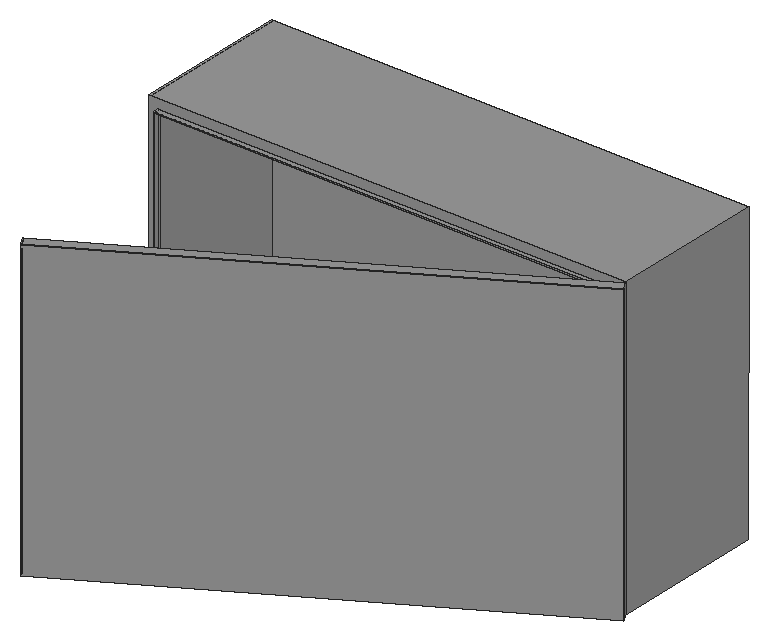
Revit family "Hager-Univers-IP55-D275-H500-Cl.I-Steel_encl-NoHosted-SE-en", category Equipement électrique, Revit 2020
Family settings
  Configuration du panneau = Deux colonnes, circuits au sein
  Cote de connecteur circulaire = Utiliser le diamètre
  Type d'élément = Tableau de raccordement
  Basée sur le plan de construction = Oui
  Toujours verticalement = Oui
  Couper avec des vides une fois chargée = Non
  Partagée = Non
  Point de calcul de pièce = Non
Parameters (values of type "Surface mounted (plaster) IP55 W800 H500 D275  - FR33E")
  Width Control [instance] = if([EF000008 - Width] > Min Width, [EF000008 - Width], Min Width)  # 800 mm
  Commentaires du type = [HG000003 - Range]  # "Univers"
  Thickness Door [instance] = if([EF009171 - Material plate thickness door/cover] > 3 mm, 3 mm, [EF009171 - Material plate thickness door/cover])  # 1.5 mm
  Seal Frame Offset [instance] = 17 mm  # constant formula
  Plinth Visibility [instance] = [HG000027 - Plinth height] > 0 mm  # no
  Min Width [instance] = 100 mm  # constant formula
  Min Depth [instance] = (2 * [EF009170 - Material plate thickness cabinet]) + 1 mm  # 4 mm
  Min Height [instance] = 100 mm  # constant formula
  Internal Frame Depth [instance] = (Door System Depth * 0.5)  # 9 mm
  Panel Name [instance] = ""  # (empty or 0)
  Model = ""
  HG000027 - Plinth height = 0 mm
  HG000026 - Floor standing = no
  HG000024 - Bottom section height = 600 mm
  HG000023 - Double section enclosure = no
  HG000016 - Door 3d visibility [instance] = yes
  HG000015 - Clearance visibility [instance] = no
  HG000014 - Door on the right [instance] = yes
  HG000013 - Door on the left [instance] = not([HG000014 - Door on the right])  # no
  HG000012 - Door swing angle [instance] = 30.00°
  HG000010 - Asymmetric doors = no
  HG000009 - Double swing door = no
  HG000006 - Flush mounted = no
  HG000004 - Manufacturer reference = "FR33E"
  HG000003 - Range = "Univers"
  HG000002 - With door or cover = yes
  Frame Offset Bottom [instance] = 10 mm  # constant formula
  Frame Offset [instance] = 15 mm  # constant formula
  EF015940 - Cover with overpressure release = no
  EF011959 - Degree of protection (NEMA) = ""
  EF009554 - Number of openings for flange plates = 6
  EF009212 - Cover model = "EV000116 - Closed"
  EF009171 - Material plate thickness door/cover = 1.5 mm
  EF009170 - Material plate thickness cabinet = 1.5 mm
  EF008873 - Nominal current (In) = 800 A
  EF007800 - Suitable for lightning protection = no
  EF006306 - With lock = no
  EF006244 - Transparent cover/door = no
  EF005474 - Degree of protection (IP) = "EV006420 - IP55"
  EF004464 - Type of door = "EV002646 - Single"
  EF004427 - Number of modules = 108
  EF004293 - Impact strength = "EV008784 - IK10"
  EF003532 - Suitable for outdoor use = no
  EF002950 - Width in number of modular spacings = 24
  EF001613 - Circuit integrity = "EV000494 - None"
  EF001596 - Material housing = "EV000179 - Steel"
  EF001131 - Internal depth = 275 mm
  EF001088 - Extension possible = yes
  EF000437 - Number of conduit inlets = 6
  EF000339 - Type of cover = "EV004216 - Door"
  EF000266 - Number of rows = 3
  EF000218 - Built-in depth = 0 mm
  EF000118 - With mounting plate = no
  EF000116 - RAL-number = "7035"
  EF000049 - Depth = 275 mm
  EF000040 - Height = 500 mm
  EF000008 - Width = 800 mm
  EF000007 - Colour = "EV000270 - Grey"
  EF000003 - Mounting method = "EV000384 - Surface mounted (plaster)"
  Door System Leaf Tolerance [instance] = 1.5 mm  # constant formula
  Door System Depth [instance] = 18 mm  # constant formula
  Door Height [instance] = Height Control - [HG000027 - Plinth height]  # 500 mm
  Description = ""
  Default Elevation = 1219.2 mm
  Connector Offset [instance] = Height Control / 2  # 250 mm
  Fabricant = "Hager"  # constant formula
  Height Control [instance] = if([EF000040 - Height] > Min Height, [EF000040 - Height], Min Height)  # 500 mm
  Depth Control [instance] = if([EF000049 - Depth] > Min Depth, [EF000049 - Depth], Min Depth)  # 275 mm
  Bottom Top Plate Trim [instance] = 1.5 mm  # constant formula
  Plinth height Ctrl [instance] = if([HG000027 - Plinth height] > 0 mm, [HG000027 - Plinth height], 12 mm)  # 12 mm
Types (5, lengths in mm): name | Width Control | HG000010 - Asymmetric doors | HG000009 - Double swing door | HG000004 - Manufacturer reference | EF009554 - Number of openings for flange plates | EF004464 - Type of door | EF004427 - Number of modules | EF000437 - Number of conduit inlets | EF000008 - Width
  Surface mounted (plaster) IP55 W1050 H500 D275  - FR34E | 1050 | no | yes | "FR34E" | 8 | "EV003602 - Double" | 144 | 8 | 1050
  Surface mounted (plaster) IP55 W1300 H500 D275  - FR35E | 1300 | yes | yes | "FR35E" | 10 | "EV003602 - Double" | 180 | 10 | 1300
  Surface mounted (plaster) IP55 W300 H500 D275  - FR31E | 300 | no | no | "FR31E" | 2 | "EV002646 - Single" | 36 | 2 | 300
  Surface mounted (plaster) IP55 W550 H500 D275  - FR32E | 550 | no | no | "FR32E" | 4 | "EV002646 - Single" | 72 | 4 | 550
  Surface mounted (plaster) IP55 W800 H500 D275  - FR33E | 800 | no | no | "FR33E" | 6 | "EV002646 - Single" | 108 | 6 | 800
Reference planes
  plane 1 "Center (Front/Back)": y = 0
  plane 2: z = 0
  plane 3 "Center (Left/Right)": x = 0
  plane 4: y = 0
  plane 5: y = 0
  plane 6: z = 0
  plane 7: x = -400
  plane 8: x = 400
  plane 9: x = 398.5
  plane 10: x = -398.5
  plane 11: z = 0
  plane 12: z = 1.5
  plane 13: y = -275
  plane 14: y = -1.5
  plane 15: x = 0
  plane 16: y = -257
  plane 17: y = -273.5
  plane 18: y = -255.5
  plane 19: x = -383.5
  plane 20: x = 383.5
  plane 21: z = 11.5
  plane 22: x = -383
  plane 23: x = 383
  plane 24: z = 0
  plane 25: z = 500
  plane 26: z = 500
  plane 27: z = 483.5
  plane 28: z = 498.5
Forms (mm)
  Extrusion 1, solid, material "Hager_Steel_RAL7035_Light_Grey", detail levels medium+fine
    sketch origin (-208.679, -4572, 0) x (-1, 0, 0) y (0, -1, 0)
      loop
        line (191.321, -4315) -> (-608.679, -4315) -> (-608.679, -4572) -> (191.321, -4572) -> (191.321, -4315)
    from 0 to 500
  Extrusion 2, void
    sketch origin (-350.771, -275, 1219.2) x (1, 0, 0) y (0, 0, 1)
      loop
        line (-47.729, -720.7) -> (-47.729, -1217.7) -> (749.271, -1217.7) -> (749.271, -720.7) -> (-47.729, -720.7)
    from -19.5 to -273.5
  Extrusion 3, void
    sketch origin (-290.084, -257, 1219.2) x (1, 0, 0) y (0, 0, 1)
      loop
        line (-93.416, -1207.7) -> (673.584, -1207.7) -> (673.584, -735.7) -> (-93.416, -735.7) -> (-93.416, -1207.7)
    from 0 to -1.5
  Extrusion 4, solid, material "Hager_Steel_RAL7035_Light_Grey", visible <- "Plinth Visibility", detail levels medium+fine
    sketch origin (0, 0, 0) x (1, 0, 0) y (0, 1, 0)
      loop
        line (-400, 0) -> (-400, -257) -> (400, -257) -> (400, 0) -> (-400, 0)
    from 0 to 12 <- "Plinth height Ctrl"
  Extrusion 5, solid, material "Hager_Steel_RAL7035_Light_Grey", detail levels coarse
    sketch origin (0, 0, 0) x (1, 0, 0) y (0, 1, 0)
      loop
        line (-400, 0) -> (-400, -275) -> (400, -275) -> (400, 0) -> (-400, 0)
    from 0 to 500 <- "Height Control"
  Sweep 6, void
    path in 3D
      loop
        line (-400, -257, 12) -> (400, -257, 12) -> (400, 0, 12) -> (-400, 0, 12) -> (-400, -257, 12)
    profile origin (-400, -128.5, 12) x (1, 0, 0) y (0, 0, 1)
      loop
        line (0, 0) -> (0, -1.5) -> (1.5, -1.5)
        arc (1.5, -1.5) -> (1.061, -0.439) -> (0, 0) r 1.5
  Extrusion 7, solid, material "Hager_Steel_RAL7035_Light_Grey", detail levels fine
    sketch origin (-400, -257, 0) x (1, 0, 0) y (0, 0, 1)
      loop
        line (16.5, 11.5) -> (783.5, 11.5) -> (783.5, 483.5) -> (16.5, 483.5) -> (16.5, 11.5)
      loop
        line (15, 10) -> (785, 10) -> (785, 485) -> (15, 485) -> (15, 10)
    from 0 to 9 <- "Internal Frame Depth"
Cuts and joins
  Extrusion 2, Extrusion 3 cuts Extrusion 1
  Sweep 6 cuts Extrusion 4
Lines and regions (mm)
  Masking region 1
    outline origin (0, 0, 0) x (1, 0, 0) y (0, 1, 0)
      loop
        line (-400, 0) -> (-400, -275) -> (400, -275) -> (400, 0) -> (-400, 0)
  Masking region 2, detail levels coarse
    outline origin (-290.084, -257, 1219.2) x (-1, 0, 0) y (0, 0, 1)
      loop
        line (-690.084, -1219.2) -> (109.916, -1219.2) -> (109.916, -719.2) -> (-690.084, -719.2) -> (-690.084, -1219.2)
  Masking region 3, detail levels coarse
    outline origin (0, 0, 0) x (0, 1, 0) y (0, 0, 1)
      loop
        line (0, 0) -> (0, 500) -> (-275, 500) -> (-275, 0) -> (0, 0)
  Masking region 4, visible <- "Plinth Visibility", detail levels medium+fine
    outline origin (0, 0, 0) x (0, 1, 0) y (0, 0, 1)
      loop
        line (-1.5, 12) -> (-255.5, 12)
        arc (-255.5, 12) -> (-255.939, 10.939) -> (-257, 10.5) r 1.5
        line (-257, 10.5) -> (-257, 0) -> (0, 0) -> (0, 10.5)
        arc (0, 10.5) -> (-1.061, 10.939) -> (-1.5, 12) r 1.5
  Masking region 5, detail levels medium+fine
    outline origin (0, 0, 594.038) x (0, 1, 0) y (0, 0, 1)
      loop
        line (0, -594.038) -> (0, -94.038) -> (-257, -94.038) -> (-257, -594.038) -> (0, -594.038)
  Masking region 6, detail levels medium+fine
    outline origin (-359.7, -257, 1211.883) x (-1, 0, 0) y (0, 0, 1)
      loop
        line (-759.7, -1211.883) -> (40.3, -1211.883) -> (40.3, -711.883) -> (-759.7, -711.883) -> (-759.7, -1211.883)
  Masking region 7, visible <- "Plinth Visibility", detail levels medium+fine
    outline origin (-320.334, -257, 1041.368) x (-1, 0, 0) y (0, 0, 1)
      loop
        line (-720.334, -1041.368) -> (79.666, -1041.368) -> (79.666, -1030.868)
        arc (79.666, -1030.868) -> (78.606, -1030.429) -> (78.166, -1029.368) r 1.5
        line (78.166, -1029.368) -> (-718.834, -1029.368)
        arc (-718.834, -1029.368) -> (-719.273, -1030.429) -> (-720.334, -1030.868) r 1.5
        line (-720.334, -1030.868) -> (-720.334, -1041.368)
  sketch lines
    curve 1: line (-400, 0, 12) -> (-400, -257, 12)
    curve 2: line (-400, -257, 12) -> (400, -257, 12)
    curve 3: line (400, 0, 12) -> (-400, 0, 12)
    curve 4: line (400, -257, 12) -> (400, 0, 12)
Dimensions and locks
  locked: plane 1 "Center (Front/Back)" to plane 5
  "EF009170 - Material plate thickness cabinet": plane 7 to plane 10
  "EF009170 - Material plate thickness cabinet": plane 8 to plane 9
  equal spacing: plane 7, plane 3 "Center (Left/Right)", plane 8
  "Width Control": plane 7 to plane 8
  "Depth Control": plane 4 to plane 13
  "EF009170 - Material plate thickness cabinet": plane 4 to plane 14
  "Height Control": plane 25 to level
  "HG000027 - Plinth height": plane 11 to level
  "EF009170 - Material plate thickness cabinet": plane 12 to plane 11
  "EF009170 - Material plate thickness cabinet": plane 17 to plane 13
  "EF009170 - Material plate thickness cabinet": plane 18 to plane 16
  "Frame Offset Bottom": plane 21 to plane 12
  "Frame Offset": plane 10 to plane 19
  "Frame Offset": plane 9 to plane 20
  "Door System Depth": plane 16 to plane 13
  "Seal Frame Offset": plane 7 to plane 22
  "Seal Frame Offset": plane 8 to plane 23
  "EF009170 - Material plate thickness cabinet": plane 26 to plane 28
  "Frame Offset": plane 28 to plane 27
  "Connector Offset": plane 2 to connector elem
  "Bottom Top Plate Trim": profile plane to Sweep 6 sketch curve
  "Bottom Top Plate Trim": Sweep 6 sketch curve to Sweep 6 sketch curve
  "Plinth height Ctrl": Masking region 4 sketch curve to level
  "Plinth height Ctrl": Masking region 7 sketch curve to level
  "Thickness Door": Extrusion 7 sketch curve to Extrusion 7 sketch curve  (x4)
  "Bottom Top Plate Trim": radius of Sweep 6 sketch curve
  "Bottom Top Plate Trim": radius of Masking region 4 sketch curve  (x2)
  "Bottom Top Plate Trim": radius of Masking region 7 sketch curve  (x2)
  aligned and locked: Extrusion 2 sketch curve to plane 12
  aligned and locked: Extrusion 2 sketch curve to plane 9
  aligned and locked: Extrusion 2 sketch curve to plane 10
  aligned and locked: Extrusion 2 to plane 14
  aligned and locked: Extrusion 1 sketch curve to plane 4
  aligned and locked: plane 8 to Extrusion 1 sketch curve
  aligned and locked: plane 7 to Extrusion 1 sketch curve
  aligned and locked: Extrusion 2 to plane 18
  aligned and locked: plane 19 to Extrusion 3 sketch curve
  aligned and locked: plane 20 to Extrusion 3 sketch curve
  aligned and locked: Extrusion 3 to Extrusion 2
  aligned and locked: Extrusion 3 sketch curve to plane 21
  aligned and locked: plane 3 "Center (Left/Right)" to nested 1
  aligned and locked: Extrusion 1 sketch curve to plane 16
  aligned and locked: Extrusion 4 sketch curve to cut or joined group of Extrusion 1, Extrusion 2, Extrusion 3
  aligned and locked: Masking region 1 sketch curve to plane 7
  aligned and locked: Masking region 1 sketch curve to plane 5
  aligned and locked: Masking region 1 sketch curve to plane 8
  aligned and locked: Masking region 2 sketch curve to level
  aligned and locked: level to Masking region 3 sketch curve
  aligned and locked: plane 1 "Center (Front/Back)" to Masking region 3 sketch curve
  aligned and locked: plane 13 to Masking region 3 sketch curve
  aligned and locked: plane 5 to Masking region 4 sketch curve
  aligned and locked: Masking region 2 sketch curve to plane 8
  aligned and locked: Masking region 2 sketch curve to plane 7
  aligned and locked: plane 7 to nested 2
  aligned and locked: nested 2 to plane 5
  aligned and locked: plane 5 to Masking region 5 sketch curve
  aligned and locked: plane 26 to Masking region 5 sketch curve
  aligned and locked: Extrusion 5 sketch curve to plane 8
  aligned and locked: Extrusion 5 sketch curve to plane 7
  aligned and locked: Extrusion 5 sketch curve to plane 5
  aligned and locked: Extrusion 3 sketch curve to plane 27
  aligned and locked: Extrusion 2 sketch curve to plane 28
  aligned and locked: Masking region 2 to plane 25
  aligned and locked: Extrusion 4 to plane 16
  aligned and locked: profile plane to Sweep 6 sketch curve
  aligned and locked: Masking region 5 sketch curve to plane 24
  aligned and locked: level to Masking region 4 sketch curve
  aligned and locked: Masking region 1 to plane 13
  aligned and locked: nested 1 to plane 16
  aligned and locked: Masking region 3 to plane 25
  aligned and locked: plane 16 to Masking region 4 sketch curve
  aligned and locked: Masking region 5 sketch curve to plane 16
  aligned and locked: plane 24 to plane 11
  aligned and locked: plane 26 to plane 25
  aligned and locked: plane 26 to cut or joined group of Extrusion 1, Extrusion 2, Extrusion 3
  aligned and locked: nested 1 to plane 24
  aligned and locked: Extrusion 1 to Extrusion 3
  aligned and locked: Masking region 6 sketch curve to plane 8
  aligned and locked: Masking region 6 sketch curve to plane 24
  aligned and locked: Masking region 6 sketch curve to plane 7
  aligned and locked: Masking region 6 sketch curve to plane 26
  aligned and locked: Masking region 7 sketch curve to plane 7
  aligned and locked: level to Masking region 7 sketch curve
  aligned and locked: Masking region 7 sketch curve to plane 8
  aligned and locked: Extrusion 7 sketch curve to cut or joined group of Extrusion 1, Extrusion 2, Extrusion 3  (x4)
Automatic sketch dimensions
  plane 19 to Extrusion 3 sketch curve = 0 mm
  Extrusion 3 sketch curve to plane 20 = 0 mm
  Extrusion 3 sketch curve to plane 21 = 0 mm
  Extrusion 4 sketch curve to plane 7 = 0 mm
  Extrusion 4 sketch curve to plane 8 = 0 mm
  Extrusion 4 sketch curve to plane 16 = 0 mm
  Masking region 1 sketch curve to plane 13 = 0 mm
  Masking region 2 sketch curve to plane 25 = 0 mm
  Masking region 3 sketch curve to plane 25 = 0 mm
  Extrusion 5 sketch curve to plane 13 = 0 mm
  profile plane to Sweep 6 sketch curve = 0 mm
Nested families
  nested 1: "EC000058_Univers_Door" at (0, -257, 0), Double <- "HG000009 - Double swing door", Transparent <- "EF006244 - Transparent cover/door", Angle <- "HG000012 - Door swing angle", Door_Right <- "HG000014 - Door on the right", Assymetrical <- "HG000010 - Asymmetric doors", Door <- "HG000002 - With door or cover", Width_Ctrl <- "Width Control", 3d_Door <- "HG000016 - Door 3d visibility", Clearance <- "HG000015 - Clearance visibility", Door_Left <- "HG000013 - Door on the left", Width <- "Width Control", Door_Depth <- "Door System Depth", Leaf_Tolerance <- "Door System Leaf Tolerance", Height <- "Door Height", Lock_Visibility <- "EF006306 - With lock", Thickness <- "Thickness Door", type "EC000058_Univers_Door", detail levels medium+fine
    with min_wh 4 mm, Width_Ctrl 800 mm, Width 800 mm, Transparent no, Thickness 1.5 mm, Seal_Material Hager_Rubber, Lock_Visibility no, Lock_Material Hager_Plastic_RAL9005_Jet_Black, Leaf_Width 800 mm, Leaf_Tolerance_External_Sides 0 mm, Leaf_Tolerance 1.5 mm, Leaf_Offset 0 mm, Leaf_Height 497 mm, Leaf_2_Width 800 mm, Leaf_2_Offset 400 mm, Leaf_1_Width 800 mm, Leaf_1_Offset 400 mm, Height_Ctrl 500 mm, Height 500 mm, Glass_Material Hager_Glass, Double_Clearance_Ctrl no, Double no, Door_Right_Ctrl yes, Door_Right yes, Door_Material Hager_Steel_RAL7035_Light_Grey, Door_Left_Ctrl no, Door_Left no, Door_Depth 18 mm, Door yes, Clearance_Material Hager_Clearance, Clearance_Depth 800 mm, Clearance_Ctrl no, Clearance no, Assymetrical no, Angle 30.00°, 3d_Door yes
  nested 2: "Hager_Enclosure_Symbol" at (-400, 0, 0), Height <- "Depth Control", Width <- "Width Control", type "Hager_Enclosure_Symbol"
    with Width_Ctrl 800 mm, Width 800 mm, Height_Ctrl 275 mm, Height 275 mm, A_Width_Int 18.047 mm, A_Width 216.562 mm, A_Height_Ctrl 240.625 mm, A_Height 240.625 mm
Connectors
  electrical at (0, 0, 250)
    settings: on plane 1 "Center (Front/Back)", index 1, voltage 0 V, apparent load 0 VA, apparent load phase1 0 VA, apparent load phase2 0 VA, apparent load phase3 0 VA, power factor 1, load classification "Other", number of poles 1, system type 30, power factor state 1, is connector primary yes, connector utility no, sub classification motor no, connector description ""
Definition of nested family "EC000058_Univers_Door"
  Parameters (values of type "EC000058_Univers_Door")
    min_wh [instance] = (2 * Thickness) + 1 mm  # 11 mm
    Width_Ctrl [instance] = 400 mm
    Width [instance] = 500 mm
    Transparent [instance] = yes
    Thickness [instance] = 5 mm
    Seal_Material [instance] = none
    Lock_Visibility [instance] = yes
    Lock_Material [instance] = none
    Leaf_Width [instance] = if((Width_Ctrl - 2 * Leaf_Tolerance_External_Sides) > 0 mm, (Width_Ctrl - 2 * Leaf_Tolerance_External_Sides), min_wh)  # 400 mm
    Leaf_Tolerance_External_Sides [instance] = 0 mm  # constant formula
    Leaf_Tolerance [instance] = 1.5 mm
    Leaf_Offset [instance] = 0 mm  # constant formula
    Leaf_Height [instance] = if((Height_Ctrl - 2 * Leaf_Tolerance) > 0 mm, (Height_Ctrl - 2 * Leaf_Tolerance), min_wh)  # 497 mm
    Leaf_2_Width [instance] = if(and(and(Double, Assymetrical), Door_Left), (Leaf_Width / 3) - (Leaf_Tolerance / 2), if(and(and(Double, Assymetrical), Door_Right), (Leaf_Width / 3) * 2 - (Leaf_Tolerance / 2), if(and(Double, not(Assymetrical)), (Leaf_Width / 2) - Leaf_Tolerance, Leaf_Width)))  # 400 mm
    Leaf_2_Offset [instance] = if(and(Double, Assymetrical), Leaf_2_Width / 2, if(and(Double, not(Assymetrical)), Leaf_Width / 4, Leaf_Width / 2))  # 200 mm
    Leaf_1_Width [instance] = if(and(and(Double, Assymetrical), Door_Right), (Leaf_Width / 3) - (Leaf_Tolerance / 2), if(and(and(Double, Assymetrical), Door_Left), (Width / 3) * 2 - (Leaf_Tolerance / 2), if(and(Double, not(Assymetrical)), (Leaf_Width / 2) - Leaf_Tolerance, Leaf_Width)))  # 400 mm
    Leaf_1_Offset [instance] = if(and(Double, Assymetrical), Leaf_1_Width / 2, if(and(Double, not(Assymetrical)), Leaf_Width / 4, Leaf_Width / 2))  # 200 mm
    Height_Ctrl [instance] = if(Height > min_wh, Height, min_wh)  # 500 mm
    Height [instance] = 500 mm
    Glass_Material [instance] = none
    Double_Clearance_Ctrl [instance] = and(Double, Clearance)  # no
    Double [instance] = no
    Door_Right_Ctrl [instance] = and(or(Door_Right, Double), Door)  # yes
    Door_Right [instance] = yes
    Door_Material [instance] = none
    Door_Left_Ctrl [instance] = and(or(Door_Left, Double), Door)  # no
    Door_Left [instance] = no
    Door_Depth [instance] = 30 mm
    Door [instance] = yes
    Default Elevation = 1219.2 mm
    Clearance_Material [instance] = none
    Clearance_Depth [instance] = if(Leaf_1_Width > Leaf_2_Width, Leaf_1_Width, Leaf_2_Width)  # 400 mm
    Clearance_Ctrl [instance] = and(not(Double), Clearance)  # yes
    Clearance [instance] = yes
    Assymetrical [instance] = yes
    Angle [instance] = 30.00°
    3d_Door [instance] = yes
  Reference planes
    plane 1 "Center (Front/Back)": y = 0
    plane 2 "Bottom": z = 0
    plane 3 "Center (Left/Right)": x = 0
    plane 4: z = 500
    plane 5: x = -200
    plane 6: x = 200
    plane 7: z = 500
    plane 8: x = -200
    plane 9: z = 0
    plane 10: x = 200
    plane 11: y = 0
    plane 12: z = 1.5
    plane 13: x = -600
    plane 14: y = -400
    plane 15: x = 600
    plane 16: x = 0
    plane 17: x = 0
    plane 18: x = -200
    plane 19: x = 200
    plane 20: z = 498.5
  Forms (mm)
    Extrusion 1, solid, material <- "Clearance_Material", visible <- "Double_Clearance_Ctrl"
      sketch origin (1200, 0, 0) x (1, 0, 0) y (0, 0, -1)
        loop
          line (-1800, -498.5) -> (-600, -498.5) -> (-600, 0) -> (-1800, 0) -> (-1800, -498.5)
      from 0 to -400
  Dimensions and locks
    equal spacing: plane 5, plane 3 "Center (Left/Right)", plane 6
    "Width_Ctrl": plane 5 to plane 6
    "Leaf_Offset": plane 5 to plane 8
    "Leaf_Offset": plane 6 to plane 10
    "Leaf_Offset": plane 9 to level
    "Leaf_Offset": plane 4 to plane 7
    "Height_Ctrl": plane 4 to level
    "Leaf_Tolerance": plane 12 to plane 9
    locked: plane 11 to plane 1 "Center (Front/Back)"
    "Leaf_1_Offset": plane 18 to plane 16
    "Leaf_2_Offset": plane 17 to plane 19
    "Leaf_1_Width": plane 13 to plane 8
    "Leaf_2_Width": plane 10 to plane 15
    "Clearance_Depth": plane 14 to plane 1 "Center (Front/Back)"
    "Leaf_Tolerance_External_Sides": plane 8 to plane 18
    "Leaf_Tolerance_External_Sides": plane 19 to plane 10
    "Leaf_Tolerance": plane 7 to plane 20
    aligned and locked: level to plane 2 "Bottom"
    aligned and locked: nested 1 to plane 16
    aligned and locked: nested 2 to plane 17
    aligned and locked: Extrusion 1 to plane 13
    aligned and locked: plane 15 to Extrusion 1
    aligned and locked: Extrusion 1 to plane 14
    aligned and locked: plane 12 to nested 1
    aligned and locked: nested 2 to plane 12
    aligned and locked: Extrusion 1 to plane 11
    aligned and locked: plane 20 to Extrusion 1
    aligned and locked: nested 2 to plane 11
    aligned and locked: nested 1 to plane 11
  Automatic sketch dimensions
    Extrusion 1 sketch curve to level = 0 mm
    plane 5 to Extrusion 1 sketch curve = 400 mm
    plane 6 to Extrusion 1 sketch curve = 400 mm
    Extrusion 1 sketch curve to plane 4 = 1.5 mm
  Nested families
    nested 1: "EC000058_Univers_Door_Leaf" at (0, 0, 1.5), Width <- "Leaf_1_Width", visible <- "Door_Left_Ctrl", Leaf_Height <- "Leaf_Height", Angle <- "Angle", 3d_Door <- "3d_Door", Transparent <- "Transparent", Clearance Material <- "Clearance_Material", Clearance <- "Clearance_Ctrl", Door_Material <- "Door_Material", Glass_Material <- "Glass_Material", Door_Depth <- "Door_Depth", Lock_Material <- "Lock_Material", Seal_Material <- "Seal_Material", Lock_Visibility <- "Lock_Visibility", Thickness <- "Thickness", type "EC000058_Univers_Door_Leaf"
      with Width 400 mm, Transparent_Glass_Offset 30 mm, Transparent_Ctrl yes, Transparent yes, Thickness 5 mm, Standard no, Seal_Material none, Seal_D2 8 mm, Seal_D1 1 mm, Offset_Internal_Frame 10 mm, Lock_Width 20 mm, Lock_Visibility_3d yes, Lock_Visibility yes, Lock_Thickness_3 3 mm, Lock_Thickness_2 1 mm, Lock_Thickness_1 3 mm, Lock_Radius_Offset_2 16 mm, Lock_Radius_Offset_1 15 mm, Lock_Radius_2 5 mm, Lock_Radius 6 mm, Lock_Offset 5 mm, Lock_Material none, Lock_Height 80 mm, Lock_Cover_Top_Offset_2d 17 mm, Lock_Cover_Height -65 mm, Leaf_Height 497 mm, Internal_Seal_Thickness 8 mm, Internal_Seal_Depth_2 4.5 mm, Internal_Frame_Depth 25 mm, Glass_Thickness -1 mm, Glass_Offset -2 mm, Glass_Material none, Door_Material none, Door_Depth 30 mm, Clearance Material none, Clearance yes, Angle_Ctrl 30.00°, Angle 30.00°, 3d_Door yes
    nested 2: "EC000058_Univers_Door_Leaf" at (0, 0, 1.5) x (-1, 0, 0) z (0, 0, 1), Width <- "Leaf_2_Width", visible <- "Door_Right_Ctrl", Leaf_Height <- "Leaf_Height", Angle <- "Angle", 3d_Door <- "3d_Door", Transparent <- "Transparent", Clearance Material <- "Clearance_Material", Clearance <- "Clearance_Ctrl", Door_Material <- "Door_Material", Glass_Material <- "Glass_Material", Door_Depth <- "Door_Depth", Lock_Material <- "Lock_Material", Seal_Material <- "Seal_Material", Lock_Visibility <- "Lock_Visibility", Thickness <- "Thickness", type "EC000058_Univers_Door_Leaf"
      with Width 400 mm, Transparent_Glass_Offset 30 mm, Transparent_Ctrl yes, Transparent yes, Thickness 5 mm, Standard no, Seal_Material none, Seal_D2 8 mm, Seal_D1 1 mm, Offset_Internal_Frame 10 mm, Lock_Width 20 mm, Lock_Visibility_3d yes, Lock_Visibility yes, Lock_Thickness_3 3 mm, Lock_Thickness_2 1 mm, Lock_Thickness_1 3 mm, Lock_Radius_Offset_2 16 mm, Lock_Radius_Offset_1 15 mm, Lock_Radius_2 5 mm, Lock_Radius 6 mm, Lock_Offset 5 mm, Lock_Material none, Lock_Height 80 mm, Lock_Cover_Top_Offset_2d 17 mm, Lock_Cover_Height -65 mm, Leaf_Height 497 mm, Internal_Seal_Thickness 8 mm, Internal_Seal_Depth_2 4.5 mm, Internal_Frame_Depth 25 mm, Glass_Thickness -1 mm, Glass_Offset -2 mm, Glass_Material none, Door_Material none, Door_Depth 30 mm, Clearance Material none, Clearance yes, Angle_Ctrl 30.00°, Angle 30.00°, 3d_Door yes
  Definition of nested family "EC000058_Univers_Door_Leaf"
    Parameters (values of type "EC000058_Univers_Door_Leaf")
      Width [instance] = 2000 mm
      Transparent_Glass_Offset [instance] = 30 mm
      Transparent_Ctrl [instance] = and(Transparent, [3d_Door])  # yes
      Transparent [instance] = yes
      Thickness [instance] = 5 mm
      Standard [instance] = and(not(Transparent), [3d_Door])  # no
      Seal_Material [instance] = none
      Seal_D2 [instance] = 8 mm  # constant formula
      Seal_D1 [instance] = 1 mm  # constant formula
      Offset_Internal_Frame [instance] = 10 mm  # constant formula
      Lock_Width [instance] = 20 mm  # constant formula
      Lock_Visibility_3d [instance] = and(Lock_Visibility, [3d_Door])  # yes
      Lock_Visibility [instance] = yes
      Lock_Thickness_3 [instance] = 3 mm  # constant formula
      Lock_Thickness_2 [instance] = 1 mm  # constant formula
      Lock_Thickness_1 [instance] = 3 mm  # constant formula
      Lock_Radius_Offset_2 [instance] = Lock_Radius_Offset_1 + 1 mm  # 16 mm
      Lock_Radius_Offset_1 [instance] = 15 mm  # constant formula
      Lock_Radius_2 [instance] = Lock_Radius - 1 mm  # 5 mm
      Lock_Radius [instance] = 6 mm  # constant formula
      Lock_Offset [instance] = 5 mm  # constant formula
      Lock_Material [instance] = none
      Lock_Height [instance] = 80 mm  # constant formula
      Lock_Cover_Top_Offset_2d [instance] = Lock_Radius_Offset_2 + 1 mm  # 17 mm
      Lock_Cover_Height [instance] = -(Lock_Height - Lock_Radius_Offset_1)  # -65 mm
      Leaf_Height [instance] = 2720.336 mm
      Internal_Seal_Thickness [instance] = 8 mm  # constant formula
      Internal_Seal_Depth_2 [instance] = 4.5 mm  # constant formula
      Internal_Frame_Depth [instance] = if(Door_Depth - Thickness > 5 mm, Door_Depth - Thickness, 5 mm)  # 25 mm
      Glass_Thickness [instance] = if(Thickness > 15 mm, Glass_Offset + 10 mm, -1 mm)  # -1 mm
      Glass_Offset [instance] = if(Thickness > 15 mm, -(Thickness + 10 mm) / 2, -2 mm)  # -2 mm
      Glass_Material [instance] = none
      Door_Material [instance] = none
      Door_Depth [instance] = 30 mm
      Default Elevation = 0 mm
      Clearance Material [instance] = none
      Clearance [instance] = yes
      Angle_Ctrl [instance] = if(Angle > 180.00°, 180.00°, Angle)  # 90.00°
      Angle [instance] = 90.00°
      3d_Door [instance] = yes
    Reference planes
      plane 1 "Center (Front/Back)": y = 0
      plane 2: z = 0
      plane 3 "Center (Left/Right)": x = 0
      plane 4: y = 2000
      plane 5: x = -1000
      plane 6: x = 1000
      plane 7: x = -3000
      plane 8: z = 2720.336
      plane 9: z = 30
      plane 10: z = 2690.336
      plane 11: x = 970
      plane 12: x = -970
      plane 13: y = -3
      plane 14: z = 107.833
      plane 15: y = -5
      plane 16: y = -223.314
      plane 17: x = -1000
      plane 18: z = 1360.168
      plane 19: y = 30
    Forms (mm)
      Extrusion 1, solid, material <- "Clearance Material", visible <- "Clearance"
        sketch origin (0, 0, 0) x (1, 0, 0) y (0, 0, 1)
          loop
            line (-3000, 2720.336) -> (-3000, 0) -> (1000, 0) -> (1000, 2720.336) -> (-3000, 2720.336)
        from 0 to -2000
      Extrusion 2, solid, material <- "Door_Material", visible <- "Standard", detail levels medium+fine
        sketch origin (-1000, 0, 0) x (0, 1, 0) y (-1, 0, 0)
          loop
            line (0, 30) -> (0, 25) -> (2000, 25) -> (2000, 30) -> (0, 30)
        from 0 to 2720.336 <- "Leaf_Height"
      Extrusion 3, solid, material <- "Door_Material", visible <- "Transparent_Ctrl", detail levels medium+fine
        sketch origin (-1000, 0, 0) x (0, 1, 0) y (-1, 0, 0)
          loop
            line (0, 25) -> (2000, 25) -> (2000, 30) -> (0, 30) -> (0, 25)
        from 0 to 2720.336 <- "Leaf_Height"
      Extrusion 4, void
        sketch origin (-1025, 2000, 0) x (0, 1, 0) y (0, 0, -1)
          loop
            line (-30, -2690.336) -> (-30, -30) -> (-1970, -30) -> (-1970, -2690.336) -> (-30, -2690.336)
        from 0 to 5 <- "Thickness"
      Sweep 5, solid, material <- "Seal_Material", visible <- "Transparent_Ctrl", detail levels fine
        path in 3D
          loop
            line (-1025, 30, 30) -> (-1025, 30, 2690.336) -> (-1025, 1970, 2690.336) -> (-1025, 1970, 30) -> (-1025, 30, 30)
        profile origin (-1025, 1000, 30) x (1, 0, 0) y (0, 0, 1)
          loop
            line (0, 0) -> (0, -8) -> (1, -8) -> (1, 0) -> (0, 0)
      Extrusion 6, solid, material <- "Glass_Material", visible <- "Transparent_Ctrl", detail levels medium+fine
        sketch origin (-1030, 0, 0) x (0, 1, 0) y (0, 0, -1)
          loop
            line (1970, -2690.336) -> (1970, -30) -> (30, -30) -> (30, -2690.336) -> (1970, -2690.336)
        from -2 <- "Glass_Offset" to -1 <- "Glass_Thickness"
      Extrusion 7, solid, material <- "Door_Material", visible <- "3d_Door", detail levels medium+fine
        sketch origin (-1025, 2000, 0) x (0, -1, 0) y (0, 0, -1)
          loop
            line (0, -2720.336) -> (2000, -2720.336) -> (2000, 0) -> (0, 0) -> (0, -2720.336)
          loop
            line (1995, -5) -> (5, -5) -> (5, -2715.336) -> (1995, -2715.336) -> (1995, -5)
        from 0 to 25 <- "Internal_Frame_Depth"
      Sweep 8, solid, material <- "Seal_Material", visible <- "Transparent_Ctrl", detail levels fine
        path in 3D
          loop
            line (-1025, 0, 0) -> (-1025, 2000, 0) -> (-1025, 2000, 2720.336) -> (-1025, 0, 2720.336) -> (-1025, 0, 0)
        profile origin (-1025, 0, 1360.168) x (1, 0, 0) y (0, 1, 0)
          loop
            line (0, 10) -> (2.975, 10)
            arc (2.975, 10) -> (4.053, 10.447) -> (4.5, 11.525) r 1.525
            line (4.5, 11.525) -> (4.5, 16.527)
            arc (4.5, 16.527) -> (4.069, 17.569) -> (3.027, 18) r 1.473
            line (3.027, 18) -> (0, 18) -> (0, 10)
      Extrusion 9, solid, material <- "Lock_Material", visible <- "Lock_Visibility_3d", detail levels fine
        sketch origin (-1030, 0, 0) x (0, 1, 0) y (0, 0, -1)
          loop
            arc (1993.5, -1400.168) -> (1994.561, -1399.729) -> (1995, -1398.668) r 1.5
            line (1995, -1398.668) -> (1995, -1320.168) -> (1975, -1320.168) -> (1975, -1398.668)
            arc (1975, -1398.668) -> (1975.439, -1399.729) -> (1976.5, -1400.168) r 1.5
            line (1976.5, -1400.168) -> (1993.5, -1400.168)
        from 3 <- "Lock_Thickness_1" to 0
      Blend 10, solid, material <- "Lock_Material", visible <- "Lock_Visibility_3d", detail levels fine
        base sketch origin (-1033, 0, 0) x (0, 1, 0) y (0, 0, -1)
          loop
            line (1975, -1320.168) -> (1975, -1398.668)
            arc (1975, -1398.668) -> (1975.439, -1399.729) -> (1976.5, -1400.168) r 1.5
            line (1976.5, -1400.168) -> (1993.5, -1400.168)
            arc (1993.5, -1400.168) -> (1994.561, -1399.729) -> (1995, -1398.668) r 1.5
            line (1995, -1398.668) -> (1995, -1320.168) -> (1975, -1320.168)
        top sketch origin (-1033, 0, 0) x (0, 1, 0) y (0, 0, -1)
          loop
            line (1976, -1320.168) -> (1976, -1398.668)
            arc (1976, -1398.668) -> (1976.146, -1399.022) -> (1976.5, -1399.168) r 0.5
            line (1976.5, -1399.168) -> (1993.5, -1399.168)
            arc (1993.5, -1399.168) -> (1993.854, -1399.022) -> (1994, -1398.668) r 0.5
            line (1994, -1398.668) -> (1994, -1320.168) -> (1976, -1320.168)
        from 0 to 1 <- "Lock_Thickness_2"
      Blend 11, solid, material <- "Lock_Material", visible <- "Lock_Visibility_3d", detail levels fine
        base sketch origin (-1034, 0, 0) x (0, 1, 0) y (0, 0, -1)
          loop
            line (1978, -1320.168) -> (1978, -1384.168)
            arc (1978, -1384.168) -> (1985, -1391.168) -> (1992, -1384.168) r 7
            line (1992, -1384.168) -> (1992, -1320.168) -> (1978, -1320.168)
        top sketch origin (-1034, 0, 0) x (0, 1, 0) y (0, 0, -1)
          loop
            line (1991, -1320.168) -> (1979, -1320.168) -> (1979, -1383.168)
            arc (1979, -1383.168) -> (1985, -1389.168) -> (1991, -1383.168) r 6
            line (1991, -1383.168) -> (1991, -1320.168)
        from 0 to 3 <- "Lock_Thickness_3"
      Extrusion 12, solid, material <- "Lock_Material", visible <- "Lock_Visibility_3d", detail levels fine
        sketch origin (-1030, 1975, 1320.168) x (1, 0, 0) y (0, -1, 0)
          loop
            line (-7, -19) -> (-7, -1) -> (0, -1) -> (0, 0) -> (-8, 0) -> (-8, -20) -> (0, -20) -> (0, -19) -> (-7, -19)
        from 0 to -65 <- "Lock_Cover_Height"
      Extrusion 13, void
        sketch origin (-1038, 1995, 1320.168) x (-1, 0, 0) y (0, 0, -1)
          loop
            line (-5, -65) -> (0, -65) -> (-5, -60) -> (-5, -65)
        from 0 to 20 <- "Lock_Width"
      Extrusion 14, void
        sketch origin (-1038, 1975, 1320.168) x (0, -1, 0) y (0, 0, -1)
          loop
            circle (-10, -15.995) r 6
          loop
            circle (-10, -15.995) r 5
        from 0 to 2
      Extrusion 15, solid, material <- "Lock_Material", visible <- "Lock_Visibility_3d", detail levels medium
        sketch origin (-1030, 0, 0) x (0, 1, 0) y (0, 0, -1)
          loop
            arc (1993.5, -1400.168) -> (1994.561, -1399.729) -> (1995, -1398.668) r 1.5
            line (1995, -1398.668) -> (1995, -1320.168) -> (1975, -1320.168) -> (1975, -1398.668)
            arc (1975, -1398.668) -> (1975.439, -1399.729) -> (1976.5, -1400.168) r 1.5
            line (1976.5, -1400.168) -> (1993.5, -1400.168)
        from 8 to 0
    Cuts and joins
      Extrusion 4 cuts Extrusion 3
      Extrusion 13, Extrusion 14 cuts Extrusion 9
      Extrusion 14 cuts Blend 11
      Extrusion 13, Extrusion 14 cuts Extrusion 12
      joined: Extrusion 9, Blend 10, Blend 11, Extrusion 12
      Extrusion 14 cuts Extrusion 15
    Lines and regions (mm)
      Masking region 1, visible <- "Lock_Visibility", detail levels fine
        outline origin (0, 0, 0) x (0, 1, 0) y (0, 0, 1)
          loop
            line (30, 1320.168) -> (33, 1320.168) -> (33, 1400.168) -> (30, 1400.168) -> (30, 1320.168)
      Masking region 2, visible <- "Lock_Visibility", detail levels fine
        outline origin (0, 3.143, 0) x (0, 1, 0) y (0, 0, 1)
          loop
            line (29.857, 1354.168) -> (30.857, 1354.168) -> (30.857, 1366.168) -> (29.857, 1366.168) -> (29.857, 1354.168)
      Masking region 3, detail levels medium+fine
        outline origin (0, 0, 0) x (0, 1, 0) y (0, 0, 1)
          loop
            line (0, 0) -> (30, 0) -> (30, 2720.336) -> (0, 2720.336) -> (0, 0)
      Masking region 4, detail levels medium+fine
        outline origin (0, 0, 0) x (1, 0, 0) y (0, 0, 1)
          loop
            line (-1000, 2720.336) -> (-1000, 0) -> (1000, 0) -> (1000, 2720.336) -> (-1000, 2720.336)
      Masking region 5, visible <- "Lock_Visibility", detail levels fine
        outline origin (-47.116, 0, 0) x (1, 0, 0) y (0, 0, 1)
          loop
            arc (1024.616, 1399.168) -> (1023.556, 1398.729) -> (1023.116, 1397.668) r 1.5
            line (1023.116, 1397.668) -> (1023.116, 1320.168) -> (1041.116, 1320.168) -> (1041.116, 1397.668)
            arc (1041.116, 1397.668) -> (1040.677, 1398.729) -> (1039.616, 1399.168) r 1.5
            line (1039.616, 1399.168) -> (1024.616, 1399.168)
      Masking region 6, visible <- "Lock_Visibility", detail levels medium+fine
        outline origin (-25, 0, 0) x (1, 0, 0) y (0, 0, 1)
          loop
            arc (1001.5, 1400.168) -> (1000.439, 1399.729) -> (1000, 1398.668) r 1.5
            line (1000, 1398.668) -> (1000, 1320.168) -> (1020, 1320.168) -> (1020, 1398.668)
            arc (1020, 1398.668) -> (1019.561, 1399.729) -> (1018.5, 1400.168) r 1.5
            line (1018.5, 1400.168) -> (1001.5, 1400.168)
      Masking region 7, visible <- "Lock_Visibility", detail levels fine
        outline origin (-73.735, 0, 0) x (1, 0, 0) y (0, 0, 1)
          loop
            line (1051.735, 1382.168) -> (1065.735, 1382.168) -> (1065.735, 1384.168)
            arc (1065.735, 1384.168) -> (1058.735, 1391.168) -> (1051.735, 1384.168) r 7
            line (1051.735, 1384.168) -> (1051.735, 1382.168)
      Masking region 8, visible <- "Lock_Visibility", detail levels fine
        outline origin (-73.735, 0, 0) x (1, 0, 0) y (0, 0, 1)
          loop
            line (1052.735, 1382.168) -> (1064.735, 1382.168) -> (1064.735, 1383.168)
            arc (1064.735, 1383.168) -> (1058.735, 1389.168) -> (1052.735, 1383.168) r 6
            line (1052.735, 1383.168) -> (1052.735, 1382.168)
      Masking region 9, visible <- "Lock_Visibility", detail levels fine
        outline origin (-25, 0, 0) x (1, 0, 0) y (0, 0, 1)
          loop
            line (1020, 1320.168) -> (1020, 1382.168) -> (1000, 1382.168) -> (1000, 1320.168) -> (1020, 1320.168)
      Masking region 10, detail levels medium+fine
        outline origin (0, 0, 0) x (1, 0, 0) y (0, 0, 1)
          loop
            circle (985, 1335.144) r 6
      Masking region 11, detail levels fine
        outline origin (0, 0, 0) x (1, 0, 0) y (0, 0, 1)
          loop
            circle (985, 1335.144) r 5
      Masking region 12, visible <- "Lock_Visibility", detail levels fine
        outline origin (0, 12.767, 0) x (0, 1, 0) y (0, 0, 1)
          loop
            line (20.233, 1320.168) -> (21.233, 1320.168) -> (21.233, 1399.168) -> (20.233, 1400.168) -> (20.233, 1320.168)
      Masking region 13, visible <- "Lock_Visibility", detail levels fine
        outline origin (0, 13.767, -10) x (0, 1, 0) y (0, 0, 1)
          loop
            line (20.233, 1330.168) -> (23.233, 1330.168) -> (23.233, 1399.168) -> (20.233, 1402.168) -> (20.233, 1330.168)
      Masking region 14, visible <- "Lock_Visibility", detail levels fine
        outline origin (0, 12.767, -10) x (0, 1, 0) y (0, 0, 1)
          loop
            line (20.233, 1330.168) -> (25.233, 1330.168) -> (25.233, 1399.305) -> (20.233, 1394.305) -> (20.233, 1330.168)
      Masking region 15, visible <- "Lock_Visibility", detail levels medium
        outline origin (0, 0, 0) x (0, 1, 0) y (0, 0, 1)
          loop
            line (30, 1320.168) -> (38, 1320.168) -> (38, 1400.168) -> (30, 1400.168) -> (30, 1320.168)
      Masking region 16, visible <- "Lock_Visibility", detail levels fine
        outline origin (-1000, 0, 0) x (0, 1, 0) y (-1, 0, 0)
          loop
            line (1975, 30) -> (1995, 30) -> (1995, 38) -> (1975, 38) -> (1975, 30)
          loop
            line (1979, 37) -> (1976, 37) -> (1976, 34) -> (1978, 34) -> (1979, 37)
          loop
            line (1994, 37) -> (1991, 37) -> (1992, 34) -> (1994, 34) -> (1994, 37)
      Masking region 17, visible <- "Lock_Visibility", detail levels medium
        outline origin (-1000, 0, 0) x (0, 1, 0) y (-1, 0, 0)
          loop
            line (1975, 30) -> (1995, 30) -> (1995, 38) -> (1975, 38) -> (1975, 30)
      symbolic lines
        curve 1: line (1000, 0, 0) -> (-3000, 0, 0)
        curve 2: arc (1000, 0, 0) -> (-1000, 2000, 0) -> (-3000, 0, 0) r 2000
        curve 4: line (-1030, 0, 0) -> (-1030, 2000, 0)
      reference lines
        curve 3: line (-1000, 0, 0) -> (-1000, 2000, 0)
      symbolic lines, detail levels medium+fine
        curve 5: line (-1030, 2000, 0) -> (-1025, 2000, 0)
        curve 7: line (-1025, 0, 0) -> (-1030, 0, 0)
        curve 8: line (-1025, 0, 0) -> (-1000, 0, 0)
        curve 9: line (-1000, 0, 0) -> (-1000, 2000, 0)
        curve 10: line (-1000, 2000, 0) -> (-1025, 2000, 0)
      symbolic lines, detail levels fine
        curve 6: line (-1025, 2000, 0) -> (-1025, 0, 0)
      sketch lines
        curve 11: line (-1025, 0, 2720.336) -> (-1025, 0, 0)
        curve 12: line (-1025, 2000, 0) -> (-1025, 0, 0)
        curve 13: line (-1025, 2000, 2720.336) -> (-1025, 2000, 0)
        curve 14: line (-1025, 0, 2720.336) -> (-1025, 2000, 2720.336)
        curve 15: line (-1025, 1970, 30) -> (-1025, 30, 30)
        curve 16: line (-1025, 30, 30) -> (-1025, 30, 2690.336)
        curve 17: line (-1025, 1970, 2690.336) -> (-1025, 1970, 30)
        curve 18: line (-1025, 30, 2690.336) -> (-1025, 1970, 2690.336)
      symbolic lines, visible <- "Transparent", detail levels medium+fine
        curve 19: line (-970, 0, 2690.336) -> (970, 0, 2690.336)
        curve 20: line (-970, 0, 30) -> (-970, 0, 2690.336)
        curve 21: line (970, 0, 30) -> (-970, 0, 30)
        curve 22: line (970, 0, 2690.336) -> (970, 0, 30)
    Dimensions and locks
      "Width": plane 1 "Center (Front/Back)" to plane 4
      equal spacing: plane 5, plane 3 "Center (Left/Right)", plane 6
      "Width": plane 5 to plane 6
      "Width": plane 7 to plane 5
      "Leaf_Height": plane 8 to level
      "Width": curve 5 to curve 3
      "Width": curve 3 to curve 3
      plane 8 to plane 10 = 30 mm
      plane 9 to level = 30 mm
      plane 12 to plane 5 = 30 mm
      plane 6 to plane 11 = 30 mm
      Extrusion 1 to Extrusion 4 sketch curve = 30 mm
      "Transparent_Glass_Offset": curve 3 to Extrusion 4 sketch curve
      "Transparent_Glass_Offset": Extrusion 4 sketch curve to cut or joined group of Extrusion 3, Extrusion 4  (x2)
      cut or joined group of Extrusion 3, Extrusion 4 to Extrusion 6 sketch curve = 30 mm
      "Transparent_Glass_Offset": cut or joined group of Extrusion 3, Extrusion 4 to Extrusion 4 sketch curve
      "Thickness": curve 6 to curve 4
      "Thickness": Extrusion 7 sketch curve to Extrusion 7 sketch curve  (x4)
      "Door_Depth": curve 4 to curve 3
      "Offset_Internal_Frame": profile plane to Sweep 8 sketch curve
      "Internal_Seal_Thickness": Sweep 8 sketch curve to Sweep 8 sketch curve
      "Internal_Seal_Depth_2": profile plane to Sweep 8 sketch curve
      "Seal_D1": profile plane to Sweep 5 sketch curve
      "Seal_D2": profile plane to Sweep 5 sketch curve
      "Thickness": Extrusion 2 sketch curve to Extrusion 2 sketch curve
      equal spacing: Extrusion 9 sketch curve, plane 18, Extrusion 9 sketch curve  (x2)
      equal spacing: Masking region 1 sketch curve, plane 18, Masking region 1 sketch curve
      "Lock_Height": Masking region 1 sketch curve to Masking region 1 sketch curve
      "Lock_Radius": Masking region 2 sketch curve to plane 18 to Masking region 2 sketch curve
      Masking region 2 sketch curve to Masking region 1 = 1 mm
      "Door_Depth": plane 19 to plane 1 "Center (Front/Back)"
      "Lock_Thickness_1": Masking region 1 sketch curve to plane 19
      "Lock_Width": Extrusion 9 sketch curve to Extrusion 9 sketch curve
      "Lock_Height": Extrusion 9 sketch curve to Extrusion 9 sketch curve
      "Lock_Offset": cut or joined group of Extrusion 3, Extrusion 4 to Extrusion 9 sketch curve
      equal spacing: plane 8, plane 18, level
      "Lock_Radius_Offset_1": Blend 11 sketch curve to Blend 10
      locked: Blend 10 to Blend 11 sketch curve at 2  (x2)
      locked: var sketch to Blend 11 sketch curve at 1  (x2)
      "Lock_Radius_Offset_2": Blend 11 sketch curve to Blend 10
      locked: Extrusion 12 sketch curve to Extrusion 12 sketch curve at 1  (x3)
      Masking region 6 sketch curve to Masking region 6 sketch curve = 80 mm
      "Lock_Height": Masking region 6 sketch curve to Masking region 6 sketch curve
      "Lock_Width": Masking region 6 sketch curve to Masking region 6 sketch curve
      locked: Masking region 6 to Masking region 5 sketch curve at 1  (x3)
      locked: Masking region 5 to Masking region 7 sketch curve at 2  (x2)
      "Lock_Radius_Offset_1": Masking region 5 to Masking region 7 sketch curve
      "Lock_Radius_Offset_2": Masking region 5 to Masking region 8 sketch curve
      locked: Masking region 7 to Masking region 8 sketch curve at 1  (x2)
      "Lock_Cover_Top_Offset_2d": Masking region 5 to Masking region 9 sketch curve
      equal spacing: Masking region 9, Masking region 10 sketch curve, Masking region 9
      equal spacing: Masking region 9, Masking region 11 sketch curve, Masking region 9
      Extrusion 15 sketch curve to Extrusion 15 sketch curve = 80 mm
      "Lock_Width": Extrusion 15 sketch curve to Extrusion 15 sketch curve
      "Lock_Height": Extrusion 15 sketch curve to Extrusion 15 sketch curve
      equal spacing: Extrusion 15 sketch curve, plane 18, Extrusion 15 sketch curve
      "Lock_Thickness_3": Masking region 13 sketch curve to Masking region 13 sketch curve
      "Lock_Height": Masking region 12 sketch curve to Masking region 12 sketch curve
      locked: Masking region 13 sketch curve to Masking region 1 at 8
      locked: Masking region 14 sketch curve to Masking region 13 at 1
      locked: Masking region 14 sketch curve to Masking region 1 at 10.863
      "Lock_Height": Masking region 15 sketch curve to Masking region 15 sketch curve
      "Lock_Offset": Extrusion 15 sketch curve to cut or joined group of Extrusion 3, Extrusion 4
      "Lock_Offset": plane 6 to Masking region 6 sketch curve
      radius of Sweep 8 sketch curve = 1.525 mm
      radius of Sweep 8 sketch curve = 1.473 mm
      radius of Extrusion 9 sketch curve = 1.5 mm  (x2)
      "Lock_Radius": radius of Extrusion 14 sketch curve
      "Lock_Radius_2": radius of Extrusion 14 sketch curve
      "Lock_Radius": radius of Masking region 10 sketch curve
      "Lock_Radius_2": radius of Masking region 11 sketch curve
      radius of Extrusion 15 sketch curve = 1.5 mm  (x2)
      "Angle_Ctrl": angle plane 1 "Center (Front/Back)" to curve 3
      locked: Masking region 12 sketch curve to Masking region 12 sketch curve (angle 45.00°)
      locked: Masking region 13 sketch curve to Masking region 13 sketch curve (angle 45.00°)
      locked: Masking region 14 sketch curve to Masking region 14 sketch curve (angle 45.00°)
      aligned and locked: level to plane 2
      aligned and locked: Extrusion 1 to curve 1
      aligned and locked: plane 6 to Extrusion 1
      aligned and locked: Extrusion 1 to plane 1 "Center (Front/Back)"
      aligned and locked: plane 4 to Extrusion 1
      aligned and locked: plane 8 to Extrusion 1
      aligned and locked: curve 7 to Extrusion 2 sketch curve
      aligned and locked: curve 5 to Extrusion 2 sketch curve
      aligned and locked: curve 7 to Extrusion 3 sketch curve
      aligned and locked: Extrusion 3 sketch curve to curve 4
      aligned and locked: Extrusion 3 sketch curve to curve 6
      aligned and locked: Extrusion 3 sketch curve to curve 5
      aligned and locked: curve 9 to curve 3
      aligned and locked: Extrusion 7 sketch curve to cut or joined group of Extrusion 3, Extrusion 4  (x4)
      aligned and locked: plane 17 to curve 3
      aligned and locked: plane 1 "Center (Front/Back)" to curve 3
      aligned and locked: plane 17 to plane 5
      aligned and locked: Sweep 8 sketch curve to profile plane
      aligned and locked: Sweep 5 sketch curve to profile plane  (x2)
      aligned and locked: Masking region 1 to Masking region 2 sketch curve
      aligned and locked: plane 19 to Masking region 1 sketch curve
      aligned and locked: plane 1 "Center (Front/Back)" to Masking region 3 sketch curve
      aligned and locked: plane 19 to Masking region 3 sketch curve
      aligned and locked: level to Masking region 3 sketch curve
      aligned and locked: Masking region 3 sketch curve to plane 8
      aligned and locked: plane 17 to Masking region 4 sketch curve
      aligned and locked: level to Masking region 4 sketch curve
      aligned and locked: Masking region 4 sketch curve to plane 8
      aligned and locked: plane 12 to curve 20
      aligned and locked: plane 10 to curve 19
      aligned and locked: plane 11 to curve 22
      aligned and locked: curve 21 to plane 9
      aligned and locked: Extrusion 2 sketch curve to cut or joined group of Extrusion 3, Extrusion 4
      aligned and locked: Blend 10 sketch curve to Extrusion 9  (x4)
      aligned and locked: Extrusion 9 to Blend 10 sketch curve
      aligned and locked: Blend 10 to Blend 11 sketch curve
      aligned and locked: Extrusion 12 sketch curve to Blend 11
      aligned and locked: Extrusion 12 sketch curve to Extrusion 9  (x4)
      aligned and locked: Masking region 5 sketch curve to Masking region 6
      aligned and locked: Masking region 9 sketch curve to Masking region 6  (x3)
      aligned and locked: Masking region 12 sketch curve to Masking region 1
      aligned and locked: Masking region 13 sketch curve to Masking region 1
      aligned and locked: Masking region 12 to Masking region 14
      aligned and locked: Masking region 14 sketch curve to Masking region 1
      aligned and locked: Masking region 15 sketch curve to Masking region 14
      aligned and locked: Masking region 13 sketch curve to Masking region 12
      aligned and locked: Masking region 16 sketch curve to cut or joined group of Extrusion 14, Extrusion 15  (x4)
      aligned and locked: Masking region 16 sketch curve to cut or joined group of Extrusion 9, Blend 10, Blend 11, Extrusion 12, Extrusion 13, Extrusion 14  (x6)
      aligned and locked: cut or joined group of Extrusion 9, Blend 10, Blend 11, Extrusion 12, Extrusion 13, Extrusion 14 to Masking region 16 sketch curve
      aligned and locked: Masking region 17 sketch curve to cut or joined group of Extrusion 14, Extrusion 15  (x3)
      aligned and locked: Masking region 17 sketch curve to cut or joined group of Extrusion 9, Blend 10, Blend 11, Extrusion 12, Extrusion 13, Extrusion 14
      aligned and locked: Masking region 9 to Masking region 8 sketch curve
      aligned and locked: Masking region 9 to Masking region 7 sketch curve
    Automatic sketch dimensions
      plane 1 "Center (Front/Back)" to curve 2 = 0 mm
      curve 2 to plane 5 = 0 mm
      Extrusion 1 sketch curve to level = 0 mm
      Extrusion 1 sketch curve to plane 7 = 0 mm
      Extrusion 1 sketch curve to plane 6 = 0 mm
      Extrusion 1 sketch curve to plane 8 = 0 mm
      Extrusion 3 to Extrusion 6 sketch curve = 30 mm  (x4)
      Masking region 4 sketch curve to plane 6 = 0 mm
      Blend 10 sketch curve to Extrusion 9 = 1.5 mm
      Blend 10 sketch curve to Extrusion 9 = 1 mm
      Extrusion 13 sketch curve to Extrusion 12 = 0 mm  (x2)
      Extrusion 12 to Extrusion 13 sketch curve = 3 mm
      Extrusion 13 sketch curve to Extrusion 12 = 5 mm
      Extrusion 14 sketch curve to Extrusion 14 sketch curve = 0 mm  (x2)
      Extrusion 14 sketch curve to Extrusion 12 = 10 mm
      Extrusion 14 sketch curve to Extrusion 12 = 15.995 mm
      Masking region 5 sketch curve to Masking region 5 sketch curve = 1.5 mm  (x2)
      Masking region 10 sketch curve to plane 18 = 25.024 mm
      Masking region 11 sketch curve to plane 18 = 25.024 mm
      plane 19 to Masking region 14 sketch curve = 3 mm
      Masking region 16 sketch curve to Masking region 16 sketch curve = 3 mm
      curve 4 to curve 3 = 0 mm
      Blend 10 to Blend 11 sketch curve = 0 mm
      Masking region 6 sketch curve to Masking region 6 sketch curve = 1.5 mm  (x2)
      Masking region 6 sketch curve to plane 18 = 40 mm
      plane 19 to Masking region 12 sketch curve = 3 mm
      Masking region 12 sketch curve to Masking region 12 sketch curve = 1 mm
      Masking region 15 sketch curve to plane 19 = 0 mm
      Masking region 15 sketch curve to plane 18 = 40 mm
      radius of Blend 10 sketch curve to Extrusion 9 = 1 mm
Definition of nested family "Hager_Enclosure_Symbol"
  Parameters (values of type "Hager_Enclosure_Symbol")
    Width_Ctrl [instance] = if(Width > 1 mm, Width, 1 mm)  # 102.27 mm
    Width [instance] = 102.27 mm
    Height_Ctrl [instance] = if(Height > 1 mm, Height, 1 mm)  # 66.5 mm
    A_Width_Int [instance] = if(A_Width / 12 > 2 mm, A_Width / 12, 2 mm)  # 4.364 mm
    A_Width [instance] = if(A_Height_Ctrl * 0.9 > 2 mm, A_Height_Ctrl * 0.9, 2 mm)  # 52.369 mm
    A_Height_Ctrl [instance] = if(A_Height > 2 mm, A_Height, 2 mm)  # 58.188 mm
    Height [instance] = 66.5 mm
    A_Height [instance] = Height - (Height / 8)  # 58.188 mm
  Reference planes
    plane 1 "Centre (avant/arrière)": y = 0
    plane 2: z = 0
    plane 3 "Centre (gauche/droite)": x = 0
    plane 4: x = 52.369
    plane 5: y = 33.042
    plane 6: y = 41.77
    plane 7: y = 66.5
    plane 8: x = 26.184
    plane 9: y = 37.406
    plane 10: x = 102.27
    plane 11: y = 66.5
    plane 12: y = 8.313
  Lines and regions (mm)
    Filled region 1, type "Solid_Black", in view "Niveau de réf."
      outline origin (0, 0, 0) x (1, 0, 0) y (0, 1, 0)
        loop
          line (52.369, 66.5) -> (33.188, 54.536) -> (45.365, 45.006) -> (52.369, 66.5)
    Filled region 2, type "Solid_Black", in view "Niveau de réf."
      outline origin (0, 0, 0) x (1, 0, 0) y (0, 1, 0)
        loop
          line (0, 0) -> (102.27, 0) -> (102.27, 66.5) -> (0, 0)
    detail lines, in view "Niveau de réf."
      curve 1: line (0, 8.313, 0) -> (26.184, 41.77, 0)
      curve 2: line (26.184, 41.77, 0) -> (26.184, 33.042, 0)
      curve 3: line (26.184, 33.042, 0) -> (52.369, 66.5, 0)
  Dimensions and locks
    "A_Width": plane 3 "Centre (gauche/droite)" to plane 4
    equal spacing: plane 3 "Centre (gauche/droite)", plane 8, plane 4
    equal spacing: plane 6, plane 9, plane 5
    equal spacing: curve 3, Filled region 1 sketch curve, Filled region 1 sketch curve
    "Height_Ctrl": plane 1 "Centre (avant/arrière)" to plane 11
    "A_Height_Ctrl": plane 11 to plane 12
    equal spacing: plane 11, plane 9, plane 12
    "A_Width_Int": plane 6 to plane 9
    "Width_Ctrl": plane 3 "Centre (gauche/droite)" to plane 10
    angle Filled region 1 sketch curve to curve 3 = 20.00°
    angle curve 3 to Filled region 1 sketch curve = 20.00°
    locked: curve 3 to Filled region 1 sketch curve (angle 90.00°)
    aligned and locked: plane 10 to Filled region 2
    aligned and locked: plane 11 to Filled region 2 sketch curve
    aligned and locked: plane 10 to Filled region 2 sketch curve
    aligned and locked: plane 3 "Centre (gauche/droite)" to curve 1
    aligned and locked: plane 12 to curve 1
    aligned and locked: plane 7 to plane 11
  Automatic sketch dimensions
    Filled region 1 sketch curve to plane 4 = 0 mm
    Filled region 1 sketch curve to plane 7 = 0 mm
    plane 1 "Centre (avant/arrière)" to Filled region 2 sketch curve = 0 mm
    Filled region 2 sketch curve to plane 3 "Centre (gauche/droite)" = 0 mm
    curve 2 to plane 6 = 0 mm
    curve 2 to plane 8 = 0 mm
    curve 3 to plane 4 = 0 mm
    curve 2 to plane 5 = 0 mm
    curve 3 to plane 7 = 0 mm
